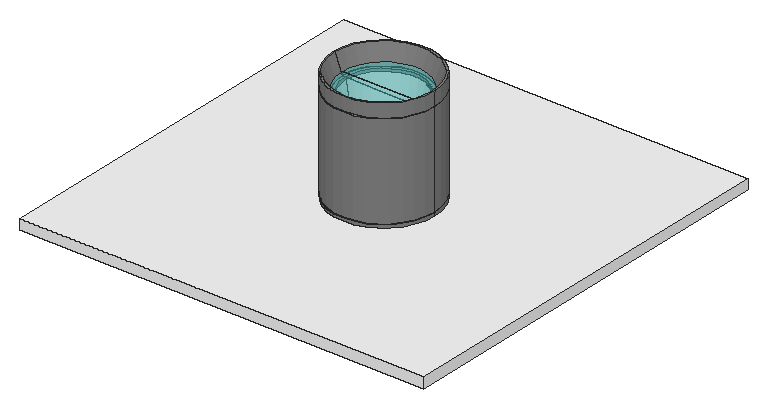
Revit family "BE_24623_de_DE", category Leuchten, Revit 2020
Family settings
  Basisbauteil = Fläche
  Bemaßung runder Anschluss = Durchmesser verwenden
  Teiletyp = Normal
  Beim Laden mit Abzugskörper schneiden = Ja
  Lichtquelle = Ja
  Gemeinsam genutzt = Nein
  Raumberechnungspunkt = Ja
Parameters (values of type "BEGA_24623_Grafit_K3")
  built-in parameter 1150104 = 13.527 (stored number, unit not read)
  Wattage = 8 W
  Default Elevation = 0 mm
  built-in parameter 1150113 = 1 (stored number, unit not read)
  built-in parameter 1114218 = 1 (stored number, unit not read)
  Umgebungstemperatur = "25 °C"
  URL = "https://www.bega.com/de/produkt/24623"
  Typenkommentare = "© 2022 BEGA. Wir behalten uns das Recht vor, technische Änderungen ohne vorherige Ankündigung vorzunehmen."  # constant formula
  built-in parameter 1150134 = (empty or 0)
  built-in parameter 1150109 = 1 (stored number, unit not read)
  Strom = ""
  built-in parameter 1150110 = 1 (stored number, unit not read)
  Spannung = 239.996 V
  Sonderanfertigung = no
  Seriennummer [instance] = "Hier können Sie die eindeutige Seriennummer für das Facility Management eintragen."
  Schutzklasse = "I"
  Schutzart = "IP 65"
  Scheinlast = 0 VA
  Produktdatenblatt = "https://cdn.bega.com/bega/products/24623K4/current/documents/data-sheets/de"
  Oberflächentemperatur = ""
  Neigungswinkel = 0.00°
  Modell = "24623K3"
  Material_17 = BEGA_Reflektor
  Material_15 = BEGA_Leuchtmedium_matt
  Material_13 = BEGA_Kunststoff_matt
  Material_11 = BEGA_Glas_opal
  Material_09 = BEGA_Glas_klar
  Material_06 = BEGA_Oberfläche_Edelstahl_gebürstet
  Material_03 = BEGA_Oberfläche_Weiss_matt
  Material_02 = BEGA_Oberfläche_Silber_matt
  Material_01 [instance] = BEGA_Oberfläche_Grafit_matt
  M_W = no
  M_G = yes
  M_A = no
  Logo = 0
  built-in parameter 1114217 = 1 (stored number, unit not read)
  built-in parameter 1150139 = (empty or 0)
  built-in parameter 1150105 = 92.692 (stored number, unit not read)
  built-in parameter 1150114 = 1 (stored number, unit not read)
  Lumens = 1164.8 lm
  built-in parameter 1150115 = 1 (stored number, unit not read)
  Leuchtenlichtstrom = "890 lm"
  Leuchtenanzahl = ""
  Lebensdauerkriterien = "L70B50 @ 25 °C = 200000 h"
  Lastklassifizierung = Beleuchtung
  built-in parameter 1150112 = 1 (stored number, unit not read)
  Lampenlichtstrom = "1165 lm"
  Lampe = "LED 8 W"
  LED_Modulbezeichnung = "LED-1030/830"
  built-in parameter 1150142 = (empty or 0)
  Hersteller = "BEGA"  # constant formula
  Halbstreuwinkel = ""
  Gewicht = "0.75 kg"
  Gebrauchslageneinschränkung [instance] = ""
  Frequenz = "0/50-60 Hz"
  Farbwiedergabeindex = "CRI > 80"
  Farbtemperaturverschiebung bei Dämpfen der Lampe = <Keine Auswahl>
  Farbtemperatur = "3000 K"
  Color Filter = 16777215
  built-in parameter 1150133 = 10 (stored number, unit not read)
  Energieeffizienzklasse = "LED A++ - A"
  built-in parameter 1150137 = (empty or 0)
  built-in parameter 1150132 = (empty or 0)
  ENEC = ""
  Dimmbar [instance] = "on/off"
  Datei für fotometrisches Netz = "BE_24623K3.IES"
  CE_Konformität = "ja"
  Bestellnummer = "24623K3"
  Beschreibung_Sonderanfertigung = "Hier können Sie Informationen zur Sonderanfertigung eintragen."
  Beschreibung = "Deckenaufbau-Tiefstrahler"
  built-in parameter 1150106 = 0.92692 (stored number, unit not read)
  Befestigungsbohrung = "Ø 4,3 mm"
  Befestigungsabstand = "76 mm"
  Ballwurfsicher = ""
  BEGA_Intern_aus = yes
  BEGA_Intern_an = yes
  BEGA_Intern_Konstruktion = yes
  BEGA_Intern = yes
  BEGA_IES = yes
  BEGA_Dummy = no
  Anschlussleitung = ""
  Anschlussleistung [instance] = "9.2 W"
  Anschlusskasten = ""
  built-in parameter 1150107 = 3000 (stored number, unit not read)
  built-in parameter 1150102 = (empty or 0)
  built-in parameter 1150138 = (empty or 0)
  Aktualisierung = "2022-05-18T04:00:07"
  Abstand_zur_angestrahlten_Fläche [instance] = ""
  AC/DC = "AC/DC"
Types (4, lengths in mm): name | built-in parameter 1150104 | built-in parameter 1150134 | Modell | M_W | M_G | built-in parameter 1150105 | Lumens | Leuchtenlichtstrom | Lampenlichtstrom | LED_Modulbezeichnung | Farbtemperatur | Datei für fotometrisches Netz | Bestellnummer | built-in parameter 1150106 | built-in parameter 1150107
  BEGA_24623_Grafit_K4 | 14.4 (stored number, unit not read) | 12 | "24623K4" | no | yes | 98.676 (stored number, unit not read) | 1240 lm | "947 lm" | "1240 lm" | "LED-1030/840" | "4000 K" | "BE_24623K4.IES" | "24623K4" | 0.98676 (stored number, unit not read) | 4000 (stored number, unit not read)
  BEGA_24623_Grafit_K3 | 13.527 (stored number, unit not read) | (empty or 0) | "24623K3" | no | yes | 92.692 (stored number, unit not read) | 1164.8 lm | "890 lm" | "1165 lm" | "LED-1030/830" | "3000 K" | "BE_24623K3.IES" | "24623K3" | 0.92692 (stored number, unit not read) | 3000 (stored number, unit not read)
  BEGA_24623_Weiß_K3 | 13.527 (stored number, unit not read) | (empty or 0) | "24623WK3" | yes | no | 92.692 (stored number, unit not read) | 1164.8 lm | "890 lm" | "1165 lm" | "LED-1030/830" | "3000 K" | "BE_24623K3.IES" | "24623WK3" | 0.92692 (stored number, unit not read) | 3000 (stored number, unit not read)
  BEGA_24623_Weiß_K4 | 14.4 (stored number, unit not read) | 12 | "24623WK4" | yes | no | 98.676 (stored number, unit not read) | 1240 lm | "947 lm" | "1240 lm" | "LED-1030/840" | "4000 K" | "BE_24623K4.IES" | "24623WK4" | 0.98676 (stored number, unit not read) | 4000 (stored number, unit not read)
Reference planes
  plane 1 "Mitte (Vorne/Hinten)": y = 0
  plane 2: z = 0
  plane 3 "Mitte (Links/Rechts)": x = 0
  plane 4 "Links": x = -50
  plane 5 "Rechts": x = 50
  plane 6 "Unten": y = -50
  plane 7 "Oben": y = 50
  plane 8 "Vorne": z = 112.7
  plane 9 "Hinten": z = 0
Forms (mm)
  Extrusion 1, solid, material "BEGA_Platte_Weiss"
    sketch origin (0, -1119.2, 0) x (1, 0, 0) y (0, 1, 0)
      loop
        line (-200, 1319.2) -> (-200, 919.2) -> (200, 919.2) -> (200, 1319.2) -> (-200, 1319.2)
    from 0 to -10
  Extrusion 2, solid, material "BEGA_Dummy_matt", visible <- "BEGA_Dummy"
    sketch origin (77.149, -76.023, 0) x (1, 0, 0) y (0, 1, 0)
      loop
        circle (-77.149, 76.023) r 50
    from 0 to 112.7
Dimensions and locks
  plane 1 "Mitte (Vorne/Hinten)" to Extrusion 1 = 200 mm
  aligned and locked: Extrusion 1 to plane 2
  aligned and locked: Extrusion 1 to level
Nested families
  nested 1: "BE_24623" at (0, 0, 0), type "BE_24623"
Connectors
  electrical at (0, 0, 0), driven by "Lastklassifizierung", driven by "Spannung", driven by "Scheinlast"
    settings: index 1, voltage 239.996 V, apparent load 0 VA, apparent load phase1 0 VA, apparent load phase2 0 VA, apparent load phase3 0 VA, power factor 1, load classification "Beleuchtung", number of poles 1, system type 31, power factor state 1, is connector primary yes, connector utility no, sub classification motor no, connector description ""
Definition of nested family "BE_24623"
  Parameters (values of type "BE_24623")
    Default Elevation = 1 mm
    URL = "http://www.bega.de/de/produkt"
    Type Comments = "© 2015 BEGA. Wir behalten uns das Recht vor, technische Änderungen ohne vorherige Ankündigung vorzunehmen. "  # constant formula
    Type Image = (empty or 0)
    Neigungswinkel_um_Z2 = 0.00°
    Neigungswinkel_um_Z1 = 0.00°
    Neigungswinkel_um_Y2 = 0.00°
    Neigungswinkel_um_Y1 = 0.00°
    Neigungswinkel_um_X2 = 0.00°
    Neigungswinkel_um_X1 = 0.00°
    Material_17 = none
    Material_15 = none
    Material_13 = none
    Material_11 = none
    Material_09 = none
    Material_06 = none
    Material_03 = none
    Material_02 = none
    Material_01 = none
    M_W = yes
    M_G = yes
    M_A = yes
    Länge_Platte = 200 mm  # constant formula
    Höhe_Platte = -10 mm  # constant formula
    Manufacturer = "BEGA"  # constant formula
    Drehwinkel_um_Z2 = 0.00°
    Drehwinkel_um_Z1 = 0.00°
    Breite_Platte = 200 mm  # constant formula
  Reference planes
    plane 1 "Mitte (Oben/Unten)": y = 0
    plane 2: z = 0
    plane 3 "Mitte (Links/Rechts)": x = 0
    plane 4 "Vorne": z = 112.7
    plane 5 "Links": x = -50
    plane 6 "Rechts": x = 50
    plane 7 "Oben": y = 50
    plane 8 "Unten": y = -50
    plane 9: z = 0
  Forms (mm)
    Extrusion 1, solid, detail levels medium
      sketch origin (0, 0, 0) x (1, 0, 0) y (0, 1, 0)
        loop
          line (-100, 100) -> (-100, -100) -> (100, -100) -> (100, 100) -> (-100, 100)
      from 0 to -10 <- "Höhe_Platte"
    Revolve 2, solid, material <- "Material_01", visible <- "M_G"
      sketch origin (0, 0, 0) x (1, 0, 0) y (0, 0, 1)
        loop
          line (-50, 99.7) -> (-47, 99.7) -> (-47, 91.2) -> (-38, 91.2) -> (-38, 94.2) -> (-41.306, 94.2) -> (-48.5, 112.7) -> (-50, 112.7) -> (-50, 99.7)
        axis (0, 112.7) -> (0, 91.2)
      angle from 0 to 360
    Revolve 3, solid, material <- "Material_09"
      sketch origin (0, 0, 0) x (1, 0, 0) y (0, 0, 1)
        loop
          line (-41, 98.3) -> (-41, 94.2) -> (0, 94.2) -> (0, 98.3) -> (-41, 98.3)
        axis (0, 98.3) -> (0, 94.2)
      angle from 0 to 360
    Revolve 4, solid, material <- "Material_01", visible <- "M_G"
      sketch origin (0, 0, 0) x (1, 0, 0) y (0, 0, 1)
        loop
          line (-50, 98.7) -> (-50, 6) -> (-48, 6) -> (-48, 98.7) -> (-50, 98.7)
        axis (0, 98.7) -> (0, 6)
      angle from 0 to 360
    Revolve 5, solid, material <- "Material_01", visible <- "M_G"
      sketch origin (0, 0, 0) x (1, 0, 0) y (0, 0, 1)
        loop
          line (-50, 5) -> (-50, 2) -> (-43.035, 2) -> (-42.651, 13) -> (0, 13) -> (0, 16) -> (-47, 16) -> (-47, 5) -> (-50, 5)
        axis (0, 16) -> (0, 2)
      angle from 0 to 360
    Revolve 6, solid, material <- "Material_17"
      sketch origin (0, 0, 0) x (1, 0, 0) y (0, 0, 1)
        loop
          line (-14.72, 52.681) -> (-28.906, 57.291)
          arc (-28.906, 57.291) -> (-31.067, 58.887) -> (-32.663, 61.048) r 9.044
          line (-32.663, 61.048) -> (-37.518, 91.7) -> (-41.448, 91.7) -> (-41.448, 90.5) -> (-39.03, 90.5) -> (-34.42, 61.39)
          arc (-34.42, 61.39) -> (-32.268, 58.17) -> (-29.049, 56.019) r 9.92
          line (-29.049, 56.019) -> (-15.119, 51.493) -> (-13.303, 51.493) -> (-13.303, 52.681) -> (-14.72, 52.681)
        axis (0, 91.7) -> (0, 51.493)
      angle from 0 to 360
    Revolve 7, solid, material <- "Material_13"
      sketch origin (0, 0, 0) x (1, 0, 0) y (0, 0, 1)
        loop
          line (-14.34, 52.671) -> (-11.641, 52.671) -> (-11.239, 64.2) -> (0, 64.2) -> (0, 66.837)
          arc (0, 66.837) -> (-6.944, 66.53) -> (-13.874, 66.006) r 222.493
          line (-13.874, 66.006) -> (-14.34, 52.671)
        axis (0, 66.837) -> (0, 52.671)
      angle from 0 to 360
    Extrusion 8, solid, material <- "Material_01", visible <- "M_G"
      sketch origin (0, 0, 0) x (1, 0, 0) y (0, 1, 0)
        loop
          circle (-38, 0) r 7
        loop
          circle (38, 0) r 7
      from 0 to 13.032
    Extrusion 9, void
      sketch origin (0, 0, 0) x (1, 0, 0) y (0, 1, 0)
        loop
          circle (-38, 0) r 2.1
        loop
          circle (38, 0) r 2.1
      from 0 to 19.032
    Revolve 10, solid, material <- "Material_03", visible <- "M_W"
      sketch origin (0, 0, 0) x (1, 0, 0) y (0, 0, 1)
        loop
          line (-50, 99.7) -> (-47, 99.7) -> (-47, 91.2) -> (-38, 91.2) -> (-38, 94.2) -> (-41.306, 94.2) -> (-48.5, 112.7) -> (-50, 112.7) -> (-50, 99.7)
        axis (0, 112.7) -> (0, 91.2)
      angle from 0 to 360
    Revolve 11, solid, material <- "Material_03", visible <- "M_W"
      sketch origin (0, 0, 0) x (1, 0, 0) y (0, 0, 1)
        loop
          line (-50, 98.7) -> (-50, 6) -> (-48, 6) -> (-48, 98.7) -> (-50, 98.7)
        axis (0, 98.7) -> (0, 6)
      angle from 0 to 360
    Revolve 12, solid, material <- "Material_03", visible <- "M_W"
      sketch origin (0, 0, 0) x (1, 0, 0) y (0, 0, 1)
        loop
          line (-50, 5) -> (-50, 2) -> (-43.035, 2) -> (-42.651, 13) -> (0, 13) -> (0, 16) -> (-47, 16) -> (-47, 5) -> (-50, 5)
        axis (0, 16) -> (0, 2)
      angle from 0 to 360
    Extrusion 13, solid, material <- "Material_03", visible <- "M_W"
      sketch origin (0, 0, 0) x (1, 0, 0) y (0, 1, 0)
        loop
          circle (-38, 0) r 7
        loop
          circle (38, 0) r 7
      from 0 to 13.032
  Cuts and joins
    Extrusion 9 cuts Revolve 2
    Extrusion 9 cuts Revolve 3
    Extrusion 9 cuts Revolve 5
    Extrusion 9 cuts Extrusion 8
    joined: Revolve 5, Extrusion 8
    Extrusion 9 cuts Revolve 6
    Extrusion 9 cuts Revolve 12
    Extrusion 9 cuts Extrusion 13
    joined: Revolve 12, Extrusion 13
  Dimensions and locks
    equal spacing: Extrusion 1 sketch curve, plane 3 "Mitte (Links/Rechts)", Extrusion 1 sketch curve
    equal spacing: Extrusion 1 sketch curve, plane 1 "Mitte (Oben/Unten)", Extrusion 1 sketch curve
    "Länge_Platte": Extrusion 1 sketch curve to Extrusion 1 sketch curve
    "Breite_Platte": Extrusion 1 sketch curve to Extrusion 1 sketch curve
    plane 6 "Rechts" to plane 3 "Mitte (Links/Rechts)" = 50 mm
    aligned and locked: plane 2 to Extrusion 1
    aligned and locked: level to Extrusion 1
  Automatic sketch dimensions
    Revolve 2 sketch curve to plane 3 "Mitte (Links/Rechts)" = 50 mm
    Revolve 2 sketch curve to Revolve 2 sketch curve = 1.5 mm
    Revolve 2 sketch curve to Revolve 2 sketch curve = 3 mm  (x2)
    level to Revolve 2 sketch curve = 91.2 mm
    Revolve 2 sketch curve to Revolve 2 sketch curve = 21.5 mm
    Revolve 2 sketch curve to Revolve 2 sketch curve = 9 mm
    Revolve 2 sketch curve to Revolve 2 sketch curve = 3.306 mm
    Revolve 2 sketch curve to Revolve 2 sketch curve = 8.5 mm
    Revolve 3 sketch curve to plane 3 "Mitte (Links/Rechts)" = 0 mm
    Revolve 3 sketch curve to Revolve 3 sketch curve = 41 mm
    level to Revolve 3 sketch curve = 94.2 mm
    Revolve 3 sketch curve to Revolve 3 sketch curve = 4.1 mm
    level to Revolve 4 sketch curve = 6 mm
    Revolve 4 sketch curve to plane 3 "Mitte (Links/Rechts)" = 50 mm
    Revolve 4 sketch curve to Revolve 4 sketch curve = 92.7 mm
    Revolve 4 sketch curve to Revolve 4 sketch curve = 2 mm
    Revolve 5 sketch curve to plane 3 "Mitte (Links/Rechts)" = 0 mm
    level to Revolve 5 sketch curve = 13 mm
    Revolve 5 sketch curve to plane 3 "Mitte (Links/Rechts)" = 42.651 mm
    Revolve 5 sketch curve to Revolve 5 sketch curve = 4.349 mm
    Revolve 5 sketch curve to Revolve 5 sketch curve = 3 mm  (x2)
    level to Revolve 5 sketch curve = 5 mm
    level to Revolve 5 sketch curve = 2 mm
    Revolve 5 sketch curve to Revolve 5 sketch curve = 3.965 mm
    Revolve 6 sketch curve to plane 3 "Mitte (Links/Rechts)" = 41.448 mm
    Revolve 6 sketch curve to Revolve 6 sketch curve = 2.418 mm
    Revolve 6 sketch curve to Revolve 6 sketch curve = 1.512 mm
    Revolve 6 sketch curve to Revolve 6 sketch curve = 4.611 mm
    Revolve 6 sketch curve to Revolve 6 sketch curve = 1.756 mm
    Revolve 6 sketch curve to Revolve 6 sketch curve = 3.615 mm
    Revolve 6 sketch curve to Revolve 6 sketch curve = 0.143 mm
    Revolve 6 sketch curve to Revolve 6 sketch curve = 7.409 mm
    Revolve 6 sketch curve to Revolve 6 sketch curve = 0.583 mm
    Revolve 6 sketch curve to Revolve 6 sketch curve = 1.417 mm
    level to Revolve 6 sketch curve = 52.681 mm
    Revolve 6 sketch curve to Revolve 6 sketch curve = 3.338 mm
    Revolve 6 sketch curve to Revolve 6 sketch curve = 1.271 mm
    Revolve 6 sketch curve to Revolve 6 sketch curve = 3.757 mm
    Revolve 6 sketch curve to Revolve 6 sketch curve = 0.342 mm
    Revolve 6 sketch curve to Revolve 6 sketch curve = 29.11 mm
    Revolve 6 sketch curve to Revolve 6 sketch curve = 1.2 mm
    Revolve 6 sketch curve to Revolve 6 sketch curve = 0.4 mm
    Revolve 6 sketch curve to Revolve 6 sketch curve = 1.188 mm
    Revolve 6 sketch curve to Revolve 6 sketch curve = 14.329 mm
    Revolve 7 sketch curve to plane 3 "Mitte (Links/Rechts)" = 0 mm  (x2)
    Revolve 7 sketch curve to Revolve 7 sketch curve = 11.239 mm
    Revolve 7 sketch curve to Revolve 7 sketch curve = 2.636 mm
    plane 3 "Mitte (Links/Rechts)" to Revolve 7 sketch curve = 6.348 mm
    level to Revolve 7 sketch curve = 64.2 mm
    Revolve 7 sketch curve to Revolve 7 sketch curve = 1.806 mm
    Revolve 7 sketch curve to Revolve 7 sketch curve = 0.403 mm
    Revolve 7 sketch curve to Revolve 7 sketch curve = 2.699 mm
    Revolve 7 sketch curve to Revolve 7 sketch curve = 11.529 mm
    plane 1 "Mitte (Oben/Unten)" to Extrusion 8 sketch curve = 0 mm  (x2)
    Extrusion 8 sketch curve to plane 3 "Mitte (Links/Rechts)" = 38 mm
    plane 3 "Mitte (Links/Rechts)" to Extrusion 8 sketch curve = 38 mm
    plane 1 "Mitte (Oben/Unten)" to Extrusion 9 sketch curve = 0 mm  (x2)
    Extrusion 9 sketch curve to plane 3 "Mitte (Links/Rechts)" = 38 mm
    plane 3 "Mitte (Links/Rechts)" to Extrusion 9 sketch curve = 38 mm
    Revolve 10 sketch curve to plane 3 "Mitte (Links/Rechts)" = 0 mm
    Revolve 10 sketch curve to plane 3 "Mitte (Links/Rechts)" = 38 mm
    Revolve 10 sketch curve to Revolve 10 sketch curve = 3.306 mm
    Revolve 10 sketch curve to Revolve 10 sketch curve = 5.694 mm
    Revolve 10 sketch curve to Revolve 10 sketch curve = 1.5 mm
    Revolve 10 sketch curve to Revolve 10 sketch curve = 3 mm  (x2)
    level to Revolve 10 sketch curve = 91.2 mm
    Revolve 10 sketch curve to Revolve 10 sketch curve = 5.5 mm
    Revolve 10 sketch curve to Revolve 10 sketch curve = 13 mm
    plane 4 "Vorne" to Revolve 10 sketch curve = 208.432 mm
    Revolve 11 sketch curve to plane 3 "Mitte (Links/Rechts)" = 0 mm
    Revolve 11 sketch curve to plane 3 "Mitte (Links/Rechts)" = 48 mm
    Revolve 11 sketch curve to Revolve 11 sketch curve = 2 mm
    level to Revolve 11 sketch curve = 6 mm
    Revolve 11 sketch curve to Revolve 11 sketch curve = 92.7 mm
    plane 4 "Vorne" to Revolve 11 sketch curve = 208.432 mm
    Revolve 12 sketch curve to plane 3 "Mitte (Links/Rechts)" = 0 mm  (x2)
    level to Revolve 12 sketch curve = 13 mm
    Revolve 12 sketch curve to plane 3 "Mitte (Links/Rechts)" = 42.651 mm
    level to Revolve 12 sketch curve = 2 mm
    Revolve 12 sketch curve to Revolve 12 sketch curve = 0.384 mm
    Revolve 12 sketch curve to Revolve 12 sketch curve = 3.965 mm
    Revolve 12 sketch curve to Revolve 12 sketch curve = 3 mm  (x3)
    plane 4 "Vorne" to Revolve 12 sketch curve = 208.432 mm
    plane 1 "Mitte (Oben/Unten)" to Extrusion 13 sketch curve = 0 mm  (x2)
    Extrusion 13 sketch curve to plane 3 "Mitte (Links/Rechts)" = 38 mm
    plane 3 "Mitte (Links/Rechts)" to Extrusion 13 sketch curve = 38 mm
    Revolve 7 sketch curve to level = 155.566 mm
    Revolve 7 sketch curve to Revolve 7 sketch curve = 118.592 mm
    plane 4 "Vorne" to Revolve 7 sketch curve = 295.732 mm
    Revolve 10 sketch curve to level = 274.158 mm
    Revolve 11 sketch curve to level = 274.158 mm
    Revolve 12 sketch curve to level = 274.158 mm
    radius of Extrusion 8 sketch curve = 7 mm  (x2)
    radius of Extrusion 9 sketch curve = 2.1 mm  (x2)
    radius of Extrusion 13 sketch curve = 7 mm  (x2)
